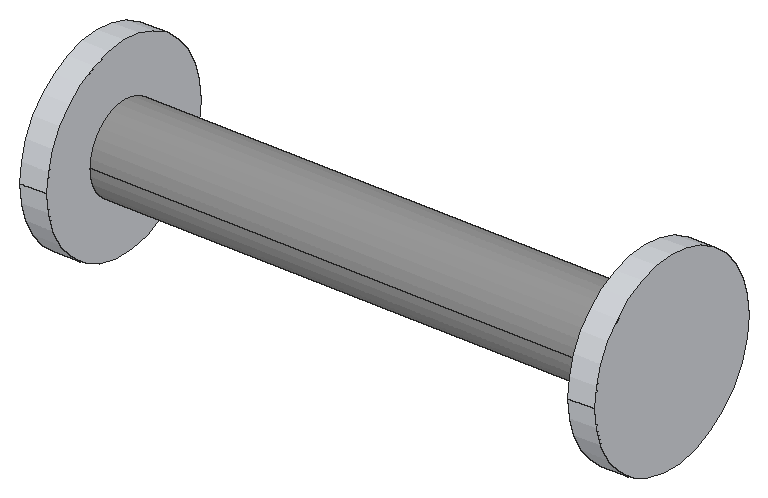
Revit family "ライナーフレックス(公共建築工事標準仕様書適合品）", category Pipe Accessories, Revit 2024
Family settings
  Round Connector Dimension = Use Diameter
  Part Type = Inline Sensor
  Work Plane-Based = No
  Always vertical = Yes
  Cut with Voids When Loaded = No
  Shared = No
Parameters
  THICKNESS [instance] = size_lookup("Mechanical Coupling", "THICKNESS", 14 mm, DN)  # 14 mm
  L [instance] = size_lookup("Mechanical Coupling", "L", 300 mm, DN)  # 300 mm
  Default Elevation = 0 mm
  DN_Pipe [instance] = size_lookup("Mechanical Coupling", "DN_Pipe", 20 mm, DN)  # 20 mm
  DN_2 [instance] = size_lookup("Mechanical Coupling", "DN_2", 100 mm, DN)  # 100 mm
  DN_1 [instance] = size_lookup("Mechanical Coupling", "DN_1", 45 mm, DN)  # 45 mm
  DN [instance] = 20 mm
Reference planes
  plane 1 "Center (Front/Back)": y = 0
  plane 2: z = 0
  plane 3 "Center (Left/Right)": x = 0
  plane 4: x = -150
  plane 5: x = 150
Forms (mm)
  Extrusion 1, solid
    sketch origin (0, 0, 0) x (0, 1, 0) y (0, 0, 1)
      loop
        circle (0, 0) r 50
    from 136 to 150
  Extrusion 2, solid
    sketch origin (0, 0, 0) x (0, 1, 0) y (0, 0, 1)
      loop
        circle (0, 0) r 50
    from -136 to -150
  Extrusion 3, solid, material "Couping"
    sketch origin (0, 0, 0) x (0, 1, 0) y (0, 0, 1)
      loop
        circle (0, 0) r 22.5
    from -136 to 136
Dimensions and locks
  equal spacing: plane 4, plane 3 "Center (Left/Right)", plane 5
  plane 4 to plane 5 = 300 mm
  "THICKNESS": Extrusion 2 to Extrusion 2
  "THICKNESS": Extrusion 1 to Extrusion 1
  "L": Extrusion 2 to Extrusion 1
  equal spacing: Extrusion 2, plane 3 "Center (Left/Right)", Extrusion 1
  "DN_2": diameter of Extrusion 1 sketch curve
  "DN_2": diameter of Extrusion 2 sketch curve
  "DN_1": diameter of Extrusion 3 sketch curve
  aligned and locked: level to plane 2
  aligned and locked: Extrusion 3 to Extrusion 2
  aligned and locked: Extrusion 3 to Extrusion 1
Automatic sketch dimensions
  Extrusion 1 sketch curve to level = 0 mm
  Extrusion 1 sketch curve to plane 1 "Center (Front/Back)" = 0 mm
  Extrusion 2 sketch curve to level = 0 mm
  Extrusion 2 sketch curve to plane 1 "Center (Front/Back)" = 0 mm
  Extrusion 3 sketch curve to level = 0 mm
  Extrusion 3 sketch curve to plane 1 "Center (Front/Back)" = 0 mm
Connectors
  piping at (150, 0, 0), diameter 20, driven by "DN"
    settings: on Extrusion 1, index 1, connector inside diameter 609.6 mm, connector length 0 mm, flow factor 0, pipe flow 0.0 L/s, pressure drop 0.0 Pa, fitting loss kfactor 0, connector angle 0.00°, fixture units 0, engagement length 0 mm, angle of deflection 0.00°, flow configuration 0, flow direction 0, fitting loss method 0, system type 7, joint type 0, gender type 0, connector reference index -1, connector utility 0, adjustable connector no, is connector primary yes, connector description ""
  piping at (-150, 0, 0), diameter 20, driven by "DN"
    settings: on Extrusion 2, index 2, connector inside diameter 609.6 mm, connector length 0 mm, flow factor 0, pipe flow 0.0 L/s, pressure drop 0.0 Pa, fitting loss kfactor 0, connector angle 0.00°, fixture units 0, engagement length 0 mm, angle of deflection 0.00°, flow configuration 0, flow direction 0, fitting loss method 0, system type 7, joint type 0, gender type 0, connector reference index -1, connector utility 0, adjustable connector no, is connector primary no, connector description ""
